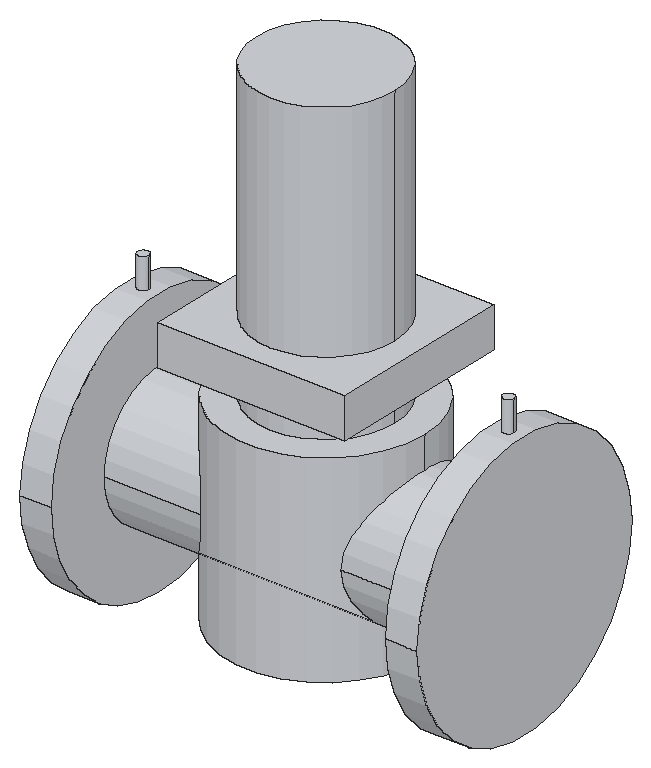
Revit family "PV_Compact_PN25_DN125_(90-350kPa)_RFA_2018", category Pipe Accessories, Revit 2018
Family settings
  Round Connector Dimension = Use Diameter
  Part Type = Valve - Breaks Into
  Work Plane-Based = No
  Always vertical = Yes
  Cut with Voids When Loaded = No
  Shared = No
Parameters (values of type "PV Compact PN25 DN125 (90-350kPa)")
  magiProductId = "828af78972b74e11b5ab1c4abc9b81"
  magiProductFamilyId = "9e0837c0ac1a48c1a74a343bd519c1"
  magiPartTypeId = 304
  isMeasuringValve [instance] = no
  ang2D [instance] = 0.00°
  W2D = 125 mm
  VersionID = "2.0/2018.12.13.2/FRESE_PV_COMPACT_BIG_Q13_001"
  Use Minimum Symbol Size [instance] = no
  URL = "www.hydronic.cz"
  Type Comments = "PŘÍRUBOVÝ; PN25; dpmax=1000kPa; -10~+120°C"
  R4 = 70 mm
  R3 = 70.2 mm
  R1 = 100 mm
  QmdConnectorList = "301;D;302;D"
  Productdata [instance] = ""
  Manufacturer = "Hydronic Systems Prague s.r.o."
  Maintenance Zone Under Depth [instance] = 100 mm
  Maintenance Zone Right Depth [instance] = 100 mm
  Maintenance Zone Over Depth [instance] = 100 mm
  Maintenance Zone Left Depth [instance] = 100 mm
  Maintenance Zone Front Depth [instance] = 100 mm
  Maintenance Zone Back Depth [instance] = 100 mm
  Maintenance Zone Front Visibility [instance] = no
  MC Use Limits From Balancing Method = no
  MC Throttling Minimum Value = 0
  MC Throttling Maximum Value = 0
  MC Product Code = "53-3333 DN125 PN25; nastavitelný rozsah dp=20~100kPa; Q=40,3~161 m3/h;  kvs=170"
  MC Pressure Drop Minimum Value = 0.0 Pa
  MC Pressure Drop Maximum Value = 0.0 Pa
  MC Piping Given Pressure Drop [instance] = 0.0 Pa
  LF__ve = -LF  # -32 mm
  LF2 = 16 mm
  LF = 32 mm
  L4 = 188 mm
  L3 = 336 mm
  L2D_Min = 30.48 mm
  L2D = 400 mm
  L2 = 200 mm
  H6 = 225.5 mm
  H4 = 40.5 mm
  H3 = 33.75 mm
  H2 = 101.25 mm
  H1 = 202.5 mm
  Description = "Nastavitelný regulátor diferenčního tlaku"
  DF2 = 135 mm
  D = 125 mm
  Clearance Zone Height Depth [instance] = 100 mm
  Clearance Zone Circular Radius [instance] = 200 mm
  Clearance Zone Visibility [instance] = no
  CAT0 = yes
Types (3, lengths in mm): name | magiProductId | Type Comments | R4 | R3 | R1 | MC Product Code | LF__ve | LF2 | LF | L4 | L3 | L2 | H6 | H4 | H3 | H2 | H1 | DF2 | D | Clearance Zone Circular Radius
  PV Compact PN25 DN125 (90-350kPa) | "828af78972b74e11b5ab1c4abc9b81" | "PŘÍRUBOVÝ; PN25; dpmax=1000kPa; -10~+120°C" | 70 | 70.2 | 100 | "53-3333 DN125 PN25; nastavitelný rozsah dp=20~100kPa; Q=40,3~161 m3/h;  kvs=170" | -32 | 16 | 32 | 188 | 336 | 200 | 225.5 | 40.5 | 33.75 | 101.25 | 202.5 | 135 | 125 | 200
  PV Compact PN25 DN150 (90-350kPa) | "3c848b5675884766961bbc36692fc4" | "PŘÍRUBOVÝ; PN25; dpmax=1000kPa; -10~+110°C" | 84 | 74.1 | 120 | "53-3336 DN150 PN25; nastavitelný rozsah dp=20~100kPa; Q=59,3~123 m3/h;  kvs=250" | -38.4 | 19.2 | 38.4 | 225.6 | 403.2 | 240 | 256.25 | 42.75 | 35.625 | 106.875 | 213.75 | 142.5 | 150 | 240
  PV Compact PN25 DN200 (90-350kPa) | "91c75d4260f940c99372a7e9d4703c" | "PŘÍRUBOVÝ; PN25; dpmax=1000kPa; -10~+110°C" | 105 | 98.8 | 150 | "53-3339 DN200 PN25; nastavitelný rozsah dp=20~100kPa; Q=65,2~261 m3/h;  kvs=275" | -48 | 24 | 48 | 282 | 504 | 300 | 150 | 57 | 47.5 | 142.5 | 285 | 190 | 200 | 300
Reference planes
  plane 1 "Center (Front/Back)": y = 0
  plane 2 "XYPLANE": z = 0
  plane 3 "Center (Left/Right)": x = 0
  plane 4 "257": y = -135
  plane 5 "256": y = 135
  plane 6 "255": z = -135
  plane 7 "254": y = -235
  plane 8 "253": y = 235
  plane 9 "252": x = -300
  plane 10 "251": x = 300
  plane 11 "250": z = 501
  plane 12 "249": z = -235
  plane 13 "248": z = 501
  plane 14 "247": z = 401
  plane 15 "157": x = 184
  plane 16 "156": x = -184
  plane 17 "155": z = 135
  plane 18 "154": z = 175.5
  plane 19 "153": z = 135
  plane 20 "152": z = 101.25
  plane 21 "151": x = -168
  plane 22 "150": z = -101.25
  plane 23 "149": x = 0
  plane 24 "148": y = 0
  plane 25 "147": z = 0
  plane 26 "146": x = -200
  plane 27 "145": x = 200
Forms (mm)
  Blend 1, solid, visible <- "Maintenance Zone Front Visibility"
    base sketch origin (-750, 0, -235) x (1, 0, 0) y (0, 1, 0)
      loop
        line (450, 235) -> (450, -235) -> (1050, -235) -> (1050, 235) -> (450, 235)
    top sketch origin (-750, 0, -235) x (1, 0, 0) y (0, 1, 0)
      loop
        line (450, 235) -> (450, -235) -> (1050, -235) -> (1050, 235) -> (450, 235)
    from 0 to 736
  Blend 2, solid, visible <- "Clearance Zone Visibility"
    base sketch origin (-750, 0, 0) x (1, 0, 0) y (0, 1, 0)
      loop
        circle (750, 0) r 200
    top sketch origin (-750, 0, 0) x (1, 0, 0) y (0, 1, 0)
      loop
        circle (750, 0) r 200
    from 0 to 501
  Extrusion 3, solid, visible <- "CAT0"
    sketch origin (-750, 0, 135) x (1, 0, 0) y (0, 1, 0)
      loop
        circle (934, 0) r 5.5
    from 0 to 30
  Extrusion 4, solid, visible <- "CAT0"
    sketch origin (-750, 0, 135) x (1, 0, 0) y (0, 1, 0)
      loop
        circle (566, 0) r 5.5
    from 0 to 30
  Extrusion 5, solid
    sketch origin (-750, 0, 175.5) x (1, 0, 0) y (0, 1, 0)
      loop
        circle (750, 0) r 70
    from 0 to 225.5 <- "H6"
  Extrusion 6, solid, visible <- "CAT0"
    sketch origin (-750, 0, 135) x (1, 0, 0) y (0, 1, 0)
      loop
        line (844, 94) -> (656, 94) -> (656, -94) -> (844, -94) -> (844, 94)
    from 0 to 40.5 <- "H4"
  Extrusion 7, solid, visible <- "CAT0"
    sketch origin (-750, 0, 101.25) x (1, 0, 0) y (0, 1, 0)
      loop
        circle (750, 0) r 70
    from 0 to 33.75 <- "H3"
  Extrusion 8, solid, visible <- "CAT0"
    sketch origin (-168, -750, 0) x (0, 1, 0) y (0, 0, 1)
      loop
        circle (750, 0) r 70.2
    from 0 to 336 <- "L3"
  Extrusion 9, solid, visible <- "CAT0"
    sketch origin (-750, 0, -101.25) x (1, 0, 0) y (0, 1, 0)
      loop
        circle (750, 0) r 100
    from 0 to 202.5 <- "H1"
  Extrusion 10, solid, visible <- "CAT0"
    sketch origin (-200, -750, 0) x (0, 1, 0) y (0, 0, 1)
      loop
        circle (750, 0) r 135
    from 0 to 32 <- "LF"
  Extrusion 11, solid, visible <- "CAT0"
    sketch origin (200, -750, 0) x (0, 1, 0) y (0, 0, 1)
      loop
        circle (750, 0) r 135
    from 0 to -32 <- "LF__ve"
  Extrusion 12, solid, not visible
    sketch origin (-200, -750, 0) x (0, 1, 0) y (0, 0, 1)
      loop
        circle (750, 0) r 10
    from 0 to 10
  Extrusion 13, solid, not visible
    sketch origin (200, -750, 0) x (0, 1, 0) y (0, 0, 1)
      loop
        circle (750, 0) r 10
    from 0 to -10
Lines and regions (mm)
  reference lines, not visible
    curve 1: circle (2, 2, 0) r 1 normal (0, 0, 1)
  reference lines
    curve 2: circle (0, 0, 135) r 1 normal (0, 0, 1)
Dimensions and locks
  plane 1 "Center (Front/Back)" to curve 1 = 2 mm
  "DF2": plane 24 "148" to plane 4 "257"
  "DF2": plane 24 "148" to plane 5 "256"
  "DF2": plane 25 "147" to plane 6 "255"
  "Maintenance Zone Front Depth": plane 4 "257" to plane 7 "254"
  "Maintenance Zone Back Depth": plane 5 "256" to plane 8 "253"
  "Maintenance Zone Left Depth": plane 26 "146" to plane 9 "252"
  "Maintenance Zone Right Depth": plane 27 "145" to plane 10 "251"
  "Maintenance Zone Over Depth": plane 14 "247" to plane 11 "250"
  "Maintenance Zone Under Depth": plane 6 "255" to plane 12 "249"
  "Clearance Zone Height Depth": plane 14 "247" to plane 13 "248"
  "H6": plane 18 "154" to plane 14 "247"
  "LF2": plane 27 "145" to plane 15 "157"
  "LF2": plane 26 "146" to plane 16 "156"
  "DF2": plane 2 "XYPLANE" to plane 17 "155"
  "H4": plane 19 "153" to plane 18 "154"
  "H3": plane 20 "152" to plane 19 "153"
  "H1": plane 22 "150" to plane 20 "152"
  "LF": plane 26 "146" to plane 21 "151"
  "H2": plane 2 "XYPLANE" to plane 22 "150"
  locked: plane 3 "Center (Left/Right)" to plane 23 "149"
  locked: plane 1 "Center (Front/Back)" to plane 24 "148"
  locked: plane 2 "XYPLANE" to plane 25 "147"
  "L2": plane 3 "Center (Left/Right)" to plane 26 "146"
  "L2": plane 3 "Center (Left/Right)" to plane 27 "145"
  Blend 1 sketch curve to Blend 1 sketch curve = 0 mm  (x16)
  equal spacing: Extrusion 6 sketch curve, curve 2, Extrusion 6 sketch curve  (x2)
  "L4": Extrusion 6 sketch curve to Extrusion 6 sketch curve  (x2)
  Extrusion 6 sketch curve to Extrusion 6 sketch curve = 0 mm  (x8)
  "Clearance Zone Circular Radius": radius of Blend 2 sketch curve  (x2)
  "R4": radius of Extrusion 5 sketch curve
  "R4": radius of Extrusion 7 sketch curve
  "R3": radius of Extrusion 8 sketch curve
  "R1": radius of Extrusion 9 sketch curve
  "DF2": radius of Extrusion 10 sketch curve
  "DF2": radius of Extrusion 11 sketch curve
  aligned and locked: level to plane 2 "XYPLANE"
  aligned and locked: Blend 1 sketch curve to plane 8 "253"  (x2)
  aligned and locked: plane 9 "252" to Blend 1 sketch curve  (x4)
  aligned and locked: plane 10 "251" to Blend 1 sketch curve  (x4)
  aligned and locked: plane 8 "253" to Blend 1 sketch curve  (x2)
  aligned and locked: plane 7 "254" to Blend 1 sketch curve  (x4)
  aligned and locked: plane 11 "250" to Blend 1
  aligned and locked: plane 23 "149" to Blend 2 sketch curve  (x2)
  aligned and locked: plane 24 "148" to Blend 2 sketch curve  (x2)
  aligned and locked: plane 13 "248" to Blend 2
  aligned and locked: plane 15 "157" to Extrusion 3 sketch curve
  aligned and locked: plane 24 "148" to Extrusion 3 sketch curve
  aligned and locked: plane 16 "156" to Extrusion 4 sketch curve
  aligned and locked: plane 24 "148" to Extrusion 4 sketch curve
  aligned and locked: plane 23 "149" to Extrusion 5 sketch curve
  aligned and locked: plane 24 "148" to Extrusion 5 sketch curve
  aligned and locked: plane 23 "149" to curve 2
  aligned and locked: plane 24 "148" to curve 2
  aligned and locked: plane 23 "149" to Extrusion 7 sketch curve
  aligned and locked: plane 24 "148" to Extrusion 7 sketch curve
  aligned and locked: Extrusion 8 sketch curve to plane 24 "148"
  aligned and locked: plane 25 "147" to Extrusion 8 sketch curve
  aligned and locked: plane 23 "149" to Extrusion 9 sketch curve
  aligned and locked: plane 24 "148" to Extrusion 9 sketch curve
  aligned and locked: Extrusion 10 sketch curve to plane 24 "148"
  aligned and locked: plane 25 "147" to Extrusion 10 sketch curve
  aligned and locked: Extrusion 11 sketch curve to plane 24 "148"
  aligned and locked: plane 25 "147" to Extrusion 11 sketch curve
  aligned and locked: Extrusion 12 sketch curve to plane 24 "148"
  aligned and locked: plane 25 "147" to Extrusion 12 sketch curve
  aligned and locked: Extrusion 13 sketch curve to plane 24 "148"
  aligned and locked: plane 25 "147" to Extrusion 13 sketch curve
Automatic sketch dimensions
  Extrusion 3 sketch curve to Extrusion 3 sketch curve = 5.5 mm
  Extrusion 4 sketch curve to Extrusion 4 sketch curve = 5.5 mm
  plane 1 "Center (Front/Back)" to Extrusion 12 sketch curve = 10 mm
  plane 1 "Center (Front/Back)" to Extrusion 13 sketch curve = 10 mm
  plane 3 "Center (Left/Right)" to curve 1 = 2 mm
  plane 21 "151" to Extrusion 6 sketch curve = 74 mm
  plane 4 "257" to Extrusion 6 sketch curve = 41 mm
  radius of curve 2 = 1 mm
  radius of curve 1 = 1 mm
Connectors
  piping at (-200, 0, 0), diameter 125, driven by "D"
    settings: on Extrusion 12, index 1, connector inside diameter 609.6 mm, connector length 0 mm, flow factor 0, pipe flow 0.0 L/s, pressure drop 0.0 Pa, fitting loss kfactor 0, connector angle 0.00°, fixture units 0, engagement length 0 mm, angle of deflection 0.00°, flow configuration 0, flow direction 0, fitting loss method 0, system type 29, joint type 0, gender type 0, connector reference index 2, connector utility 0, adjustable connector no, is connector primary yes, connector description ""
  piping at (200, 0, 0), diameter 125, driven by "D"
    settings: on Extrusion 13, index 2, connector inside diameter 609.6 mm, connector length 0 mm, flow factor 0, pipe flow 0.0 L/s, pressure drop 0.0 Pa, fitting loss kfactor 0, connector angle 0.00°, fixture units 0, engagement length 0 mm, angle of deflection 0.00°, flow configuration 0, flow direction 0, fitting loss method 0, system type 29, joint type 0, gender type 0, connector reference index 1, connector utility 0, adjustable connector no, is connector primary no, connector description ""
